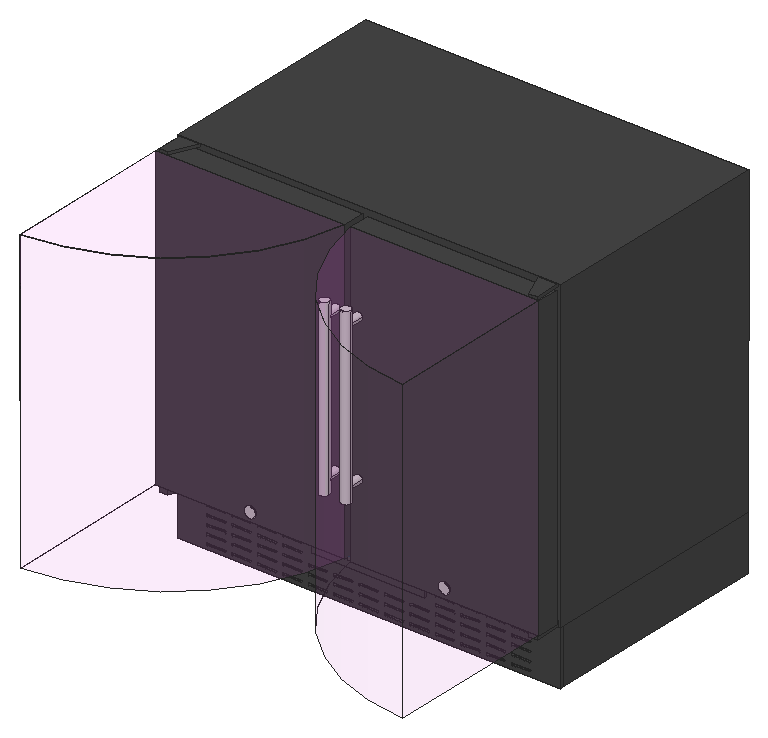
Revit family "QF_Summit_FFRF36_Refrigerator-Freezer", category Specialty Equipment, Revit 2020
Family settings
  Round Connector Dimension = Use Diameter
  Part Type = Normal
  Work Plane-Based = No
  Always vertical = Yes
  Cut with Voids When Loaded = No
  Shared = No
  Room Calculation Point = No
Parameters
  Weight in Pounds = 160
  Watts = Volts * FL Amps  # 149.5 W
  Volts = 115 V
  URL Cutsheet = ""
  Specification by User = ""
  Specification by Manufacturer = ""
  Show Door Clearance [instance] = yes
  Serial Number = ""
  Seismic Rating = ""
  SMACNA No = ""
  Revision Code = ""
  Refrigerant Volume = 0.00 kip
  Refrigerant Type = "R600a"
  Phase = 1
  Number of Poles = 1
  NAFEM Spec ID Number = ""
  Model = "FFRF36"
  Min Ckt Ampacity = 0 A
  Max Overcurrent Protection = 0 A
  Masterspec = ""
  Manufacturer = "Summit"
  Length = 35 1/2"
  Item Number = ""
  Installed By = ""
  Identify Quantity as Lot = yes
  Height = 34 1/4"
  HP = ""
  Furnished By = ""
  Foodservice Equipment Identifier = yes
  FL Amps = 1.3 A
  Electrical Remarks = ""
  Electric Connection Type = ""
  Elec Conn RI Height = 0"
  Elec Conn Connection Height = 0"
  Description = "Refrigerator-Freezer"
  Depth = 24 1/4"
  Default Elevation = 0"
  Cycle = 60 Hz
  Conn Plug = ""
  Conn Conduit = yes
  CSI MasterFormat = ""
  BTUH = 0.0 Btu/h
  Apparent Power = if(Phase = 3, Volts * FL Amps * 1.73, Volts * FL Amps)  # 149.5 VA
Reference planes (in)
  plane 1 "BACK": y = 0
  plane 2: z = 0
  plane 3 "LEFT": x = 0
  plane 4 "RIGHT": x = 35.5
  plane 5 "FRONT": y = -24.25
  plane 6 "TOP": z = 34.25
  plane 7 "Center Y": x = 17.75
  plane 8 "Center X": y = -12.125
  plane 9: y = -26.125
  plane 10: y = -40
  plane 11: z = 0.75
  plane 12: y = -21.75
  plane 13: z = 34
  plane 14: z = 5.75
  plane 15: z = 6.25
  plane 16: x = 18
  plane 17: x = 17.5
Forms (in)
  Extrusion 1, solid, material "QF_Metallic_Paint_Black_Smooth"
    sketch origin (13.67442, -173.75, 3.25) x (-1, 0, 0) y (0, -1, 0)
      loop
        line (13.67442, -173.75) -> (13.67442, -152) -> (-21.82558, -152) -> (-21.82558, -173.75) -> (13.67442, -173.75)
    from 2.5 to 31
  Extrusion 2, solid, material "QF_Metallic_Paint_Black_Smooth"
    sketch origin (11.97362, -181.125, 6.5) x (-1, 0, 0) y (0, -1, 0)
      loop
        line (-6.02638, -156.875) -> (-23.52638, -156.875) -> (-23.52638, -158.95152) -> (-6.02638, -158.95152) -> (-6.02638, -156.875)
    from -0.25 to 27.5
  Extrusion 3, solid, material "QF_Metallic_Paint_Black_Smooth"
    sketch origin (41.25, -22.17348, 6.5) x (-1, 0, 0) y (0, 0, 1)
      loop
        line (6.25, 0.25) -> (22.75, 0.25) -> (22.75, 27) -> (6.25, 27) -> (6.25, 0.25)
    from 0 to 0.42348
  Extrusion 4, solid, material "QF_Metal_Stainless_Polished"
    sketch origin (12.44977, -182.1239, 23.4375) x (-1, 0, 0) y (0, -1, 0)
      loop
        circle (-6.30689, -156.43406) r 0.43516
    from -11.3125 to 4.6875
  Extrusion 5, solid, material "QF_Metallic_Paint_Black_Smooth"
    sketch origin (-6.83669, 0, 4.02816) x (1, 0, 0) y (0, 0, -1)
      loop
        circle (11.58669, -0.22184) r 0.25
    from 0 to 0.25
  Extrusion 6, solid, material "QF_Metal_Stainless_Polished"
    sketch origin (14.6875, -24.25, 6.5) x (1, 0, 0) y (0, 0, 1)
      loop
        circle (12.0625, 0.625) r 0.5
    from 0 to 0.0625
  Extrusion 7, solid, material "QF_Metal_Stainless_Polished"
    sketch origin (18.09375, -24.25, 2.9375) x (1, 0, 0) y (0, 0, 1)
      loop
        circle (0.66291, 23.9375) r 0.34631
      loop
        circle (0.66291, 10.4375) r 0.34631
    from 0 to 1.38673
  Revolve 8, solid, material "QF_Metallic_Paint_Black_Smooth"
    sketch origin (0.28125, -2, 0) x (1, 0, 0) y (0, 0, 1)
      loop
        line (1.5, 0.75) -> (1.35345, 0.75) -> (1.35345, 0.42728) -> (1, 0.42728) -> (1, 0) -> (1.5, 0) -> (1.5, 0.75)
      axis (1.5, 0.75) -> (1.5, 0)
    angle from 0 to 360
  Revolve 9, solid, material "QF_Metallic_Paint_Black_Smooth"
    sketch origin (0.28125, -19.75, 0) x (1, 0, 0) y (0, 0, 1)
      loop
        line (1.5, 0.75) -> (1.35345, 0.75) -> (1.35345, 0.42728) -> (1, 0.42728) -> (1, 0) -> (1.5, 0) -> (1.5, 0.75)
      axis (1.5, 0.75) -> (1.5, 0)
    angle from 0 to 360
  Extrusion 10, solid, material "QF_Clearances_Door_Drawer", visible <- "Show Door Clearance"
    sketch origin (13.67442, -186.75, 3.75) x (-1, 0, 0) y (0, -1, 0)
      loop
        line (-21.82558, -162.5) -> (-4.32558, -162.5)
        arc (-4.32558, -162.5) -> (-10.24122, -151.47571) -> (-21.82558, -146.75) r 18.47203
        line (-21.82558, -146.75) -> (-21.82558, -162.5)
    from 2.5 to 30.25
  Extrusion 11, solid, material "QF_Metallic_Paint_Black_Smooth"
    sketch origin (17.75, 0, 2.5) x (1, 0, 0) y (0, 0, 1)
      loop
        line (-17.75, 3.25) -> (-17.75, -1.75) -> (17.75, -1.75) -> (17.75, 3.25) -> (-17.75, 3.25)
    from 0 to 21.5
  Extrusion 12, solid, material "QF_Metallic_Paint_Black_Smooth"
    sketch origin (9.97169, -21.75, 50.5) x (-1, 0, 0) y (0, 0, 1)
      loop
        line (9.97169, -44.75) -> (-25.52831, -44.75) -> (-25.52831, -49.75) -> (9.97169, -49.75) -> (9.97169, -44.75)
      loop
        line (7.15699, -45.12068) -> (5.56271, -45.12068)
        arc (5.56271, -45.12068) -> (5.43771, -45.24568) -> (5.56271, -45.37068) r 0.125
        line (5.56271, -45.37068) -> (7.15699, -45.37068)
        arc (7.15699, -45.37068) -> (7.28199, -45.24568) -> (7.15699, -45.12068) r 0.125
      loop
        line (7.15699, -45.92488) -> (5.56271, -45.92488)
        arc (5.56271, -45.92488) -> (5.43771, -46.04988) -> (5.56271, -46.17488) r 0.125
        line (5.56271, -46.17488) -> (7.15699, -46.17488)
        arc (7.15699, -46.17488) -> (7.28199, -46.04988) -> (7.15699, -45.92488) r 0.125
      loop
        line (7.15699, -46.72908) -> (5.56271, -46.72908)
        arc (5.56271, -46.72908) -> (5.43771, -46.85408) -> (5.56271, -46.97908) r 0.125
        line (5.56271, -46.97908) -> (7.15699, -46.97908)
        arc (7.15699, -46.97908) -> (7.28199, -46.85408) -> (7.15699, -46.72908) r 0.125
      loop
        line (4.80063, -45.12068) -> (3.20635, -45.12068)
        arc (3.20635, -45.12068) -> (3.08135, -45.24568) -> (3.20635, -45.37068) r 0.125
        line (3.20635, -45.37068) -> (4.80063, -45.37068)
        arc (4.80063, -45.37068) -> (4.92563, -45.24568) -> (4.80063, -45.12068) r 0.125
      loop
        line (4.80063, -45.92488) -> (3.20635, -45.92488)
        arc (3.20635, -45.92488) -> (3.08135, -46.04988) -> (3.20635, -46.17488) r 0.125
        line (3.20635, -46.17488) -> (4.80063, -46.17488)
        arc (4.80063, -46.17488) -> (4.92563, -46.04988) -> (4.80063, -45.92488) r 0.125
      loop
        line (4.80063, -46.72908) -> (3.20635, -46.72908)
        arc (3.20635, -46.72908) -> (3.08135, -46.85408) -> (3.20635, -46.97908) r 0.125
        line (3.20635, -46.97908) -> (4.80063, -46.97908)
        arc (4.80063, -46.97908) -> (4.92563, -46.85408) -> (4.80063, -46.72908) r 0.125
      loop
        line (2.44427, -45.12068) -> (0.84999, -45.12068)
        arc (0.84999, -45.12068) -> (0.72499, -45.24568) -> (0.84999, -45.37068) r 0.125
        line (0.84999, -45.37068) -> (2.44427, -45.37068)
        arc (2.44427, -45.37068) -> (2.56927, -45.24568) -> (2.44427, -45.12068) r 0.125
      loop
        line (2.44427, -45.92488) -> (0.84999, -45.92488)
        arc (0.84999, -45.92488) -> (0.72499, -46.04988) -> (0.84999, -46.17488) r 0.125
        line (0.84999, -46.17488) -> (2.44427, -46.17488)
        arc (2.44427, -46.17488) -> (2.56927, -46.04988) -> (2.44427, -45.92488) r 0.125
      loop
        line (2.44427, -46.72908) -> (0.84999, -46.72908)
        arc (0.84999, -46.72908) -> (0.72499, -46.85408) -> (0.84999, -46.97908) r 0.125
        line (0.84999, -46.97908) -> (2.44427, -46.97908)
        arc (2.44427, -46.97908) -> (2.56927, -46.85408) -> (2.44427, -46.72908) r 0.125
      loop
        line (0.08791, -45.12068) -> (-1.50637, -45.12068)
        arc (-1.50637, -45.12068) -> (-1.63137, -45.24568) -> (-1.50637, -45.37068) r 0.125
        line (-1.50637, -45.37068) -> (0.08791, -45.37068)
        arc (0.08791, -45.37068) -> (0.21291, -45.24568) -> (0.08791, -45.12068) r 0.125
      loop
        line (0.08791, -45.92488) -> (-1.50637, -45.92488)
        arc (-1.50637, -45.92488) -> (-1.63137, -46.04988) -> (-1.50637, -46.17488) r 0.125
        line (-1.50637, -46.17488) -> (0.08791, -46.17488)
        arc (0.08791, -46.17488) -> (0.21291, -46.04988) -> (0.08791, -45.92488) r 0.125
      loop
        line (0.08791, -46.72908) -> (-1.50637, -46.72908)
        arc (-1.50637, -46.72908) -> (-1.63137, -46.85408) -> (-1.50637, -46.97908) r 0.125
        line (-1.50637, -46.97908) -> (0.08791, -46.97908)
        arc (0.08791, -46.97908) -> (0.21291, -46.85408) -> (0.08791, -46.72908) r 0.125
      loop
        line (7.15699, -47.53328) -> (5.56271, -47.53328)
        arc (5.56271, -47.53328) -> (5.43771, -47.65828) -> (5.56271, -47.78328) r 0.125
        line (5.56271, -47.78328) -> (7.15699, -47.78328)
        arc (7.15699, -47.78328) -> (7.28199, -47.65828) -> (7.15699, -47.53328) r 0.125
      loop
        line (4.80063, -47.53328) -> (3.20635, -47.53328)
        arc (3.20635, -47.53328) -> (3.08135, -47.65828) -> (3.20635, -47.78328) r 0.125
        line (3.20635, -47.78328) -> (4.80063, -47.78328)
        arc (4.80063, -47.78328) -> (4.92563, -47.65828) -> (4.80063, -47.53328) r 0.125
      loop
        line (2.44427, -47.53328) -> (0.84999, -47.53328)
        arc (0.84999, -47.53328) -> (0.72499, -47.65828) -> (0.84999, -47.78328) r 0.125
        line (0.84999, -47.78328) -> (2.44427, -47.78328)
        arc (2.44427, -47.78328) -> (2.56927, -47.65828) -> (2.44427, -47.53328) r 0.125
      loop
        line (0.08791, -47.53328) -> (-1.50637, -47.53328)
        arc (-1.50637, -47.53328) -> (-1.63137, -47.65828) -> (-1.50637, -47.78328) r 0.125
        line (-1.50637, -47.78328) -> (0.08791, -47.78328)
        arc (0.08791, -47.78328) -> (0.21291, -47.65828) -> (0.08791, -47.53328) r 0.125
      loop
        line (7.15699, -48.33749) -> (5.56271, -48.33749)
        arc (5.56271, -48.33749) -> (5.43771, -48.46249) -> (5.56271, -48.58749) r 0.125
        line (5.56271, -48.58749) -> (7.15699, -48.58749)
        arc (7.15699, -48.58749) -> (7.28199, -48.46249) -> (7.15699, -48.33749) r 0.125
      loop
        line (4.80063, -48.33749) -> (3.20635, -48.33749)
        arc (3.20635, -48.33749) -> (3.08135, -48.46249) -> (3.20635, -48.58749) r 0.125
        line (3.20635, -48.58749) -> (4.80063, -48.58749)
        arc (4.80063, -48.58749) -> (4.92563, -48.46249) -> (4.80063, -48.33749) r 0.125
      loop
        line (2.44427, -48.33749) -> (0.84999, -48.33749)
        arc (0.84999, -48.33749) -> (0.72499, -48.46249) -> (0.84999, -48.58749) r 0.125
        line (0.84999, -48.58749) -> (2.44427, -48.58749)
        arc (2.44427, -48.58749) -> (2.56927, -48.46249) -> (2.44427, -48.33749) r 0.125
      loop
        line (0.08791, -48.33749) -> (-1.50637, -48.33749)
        arc (-1.50637, -48.33749) -> (-1.63137, -48.46249) -> (-1.50637, -48.58749) r 0.125
        line (-1.50637, -48.58749) -> (0.08791, -48.58749)
        arc (0.08791, -48.58749) -> (0.21291, -48.46249) -> (0.08791, -48.33749) r 0.125
      loop
        line (7.15699, -49.14169) -> (5.56271, -49.14169)
        arc (5.56271, -49.14169) -> (5.43771, -49.26669) -> (5.56271, -49.39169) r 0.125
        line (5.56271, -49.39169) -> (7.15699, -49.39169)
        arc (7.15699, -49.39169) -> (7.28199, -49.26669) -> (7.15699, -49.14169) r 0.125
      loop
        line (4.80063, -49.14169) -> (3.20635, -49.14169)
        arc (3.20635, -49.14169) -> (3.08135, -49.26669) -> (3.20635, -49.39169) r 0.125
        line (3.20635, -49.39169) -> (4.80063, -49.39169)
        arc (4.80063, -49.39169) -> (4.92563, -49.26669) -> (4.80063, -49.14169) r 0.125
      loop
        line (2.44427, -49.14169) -> (0.84999, -49.14169)
        arc (0.84999, -49.14169) -> (0.72499, -49.26669) -> (0.84999, -49.39169) r 0.125
        line (0.84999, -49.39169) -> (2.44427, -49.39169)
        arc (2.44427, -49.39169) -> (2.56927, -49.26669) -> (2.44427, -49.14169) r 0.125
      loop
        line (0.08791, -49.14169) -> (-1.50637, -49.14169)
        arc (-1.50637, -49.14169) -> (-1.63137, -49.26669) -> (-1.50637, -49.39169) r 0.125
        line (-1.50637, -49.39169) -> (0.08791, -49.39169)
        arc (0.08791, -49.39169) -> (0.21291, -49.26669) -> (0.08791, -49.14169) r 0.125
      loop
        line (-2.26845, -47.53328) -> (-3.86273, -47.53328)
        arc (-3.86273, -47.53328) -> (-3.98773, -47.65828) -> (-3.86273, -47.78328) r 0.125
        line (-3.86273, -47.78328) -> (-2.26845, -47.78328)
        arc (-2.26845, -47.78328) -> (-2.14345, -47.65828) -> (-2.26845, -47.53328) r 0.125
      loop
        line (-4.62481, -47.53328) -> (-6.21909, -47.53328)
        arc (-6.21909, -47.53328) -> (-6.34409, -47.65828) -> (-6.21909, -47.78328) r 0.125
        line (-6.21909, -47.78328) -> (-4.62481, -47.78328)
        arc (-4.62481, -47.78328) -> (-4.49981, -47.65828) -> (-4.62481, -47.53328) r 0.125
      loop
        line (-6.98117, -47.53328) -> (-8.57545, -47.53328)
        arc (-8.57545, -47.53328) -> (-8.70045, -47.65828) -> (-8.57545, -47.78328) r 0.125
        line (-8.57545, -47.78328) -> (-6.98117, -47.78328)
        arc (-6.98117, -47.78328) -> (-6.85617, -47.65828) -> (-6.98117, -47.53328) r 0.125
      loop
        line (-2.26845, -48.33749) -> (-3.86273, -48.33749)
        arc (-3.86273, -48.33749) -> (-3.98773, -48.46249) -> (-3.86273, -48.58749) r 0.125
        line (-3.86273, -48.58749) -> (-2.26845, -48.58749)
        arc (-2.26845, -48.58749) -> (-2.14345, -48.46249) -> (-2.26845, -48.33749) r 0.125
      loop
        line (-4.62481, -48.33749) -> (-6.21909, -48.33749)
        arc (-6.21909, -48.33749) -> (-6.34409, -48.46249) -> (-6.21909, -48.58749) r 0.125
        line (-6.21909, -48.58749) -> (-4.62481, -48.58749)
        arc (-4.62481, -48.58749) -> (-4.49981, -48.46249) -> (-4.62481, -48.33749) r 0.125
      loop
        line (-6.98117, -48.33749) -> (-8.57545, -48.33749)
        arc (-8.57545, -48.33749) -> (-8.70045, -48.46249) -> (-8.57545, -48.58749) r 0.125
        line (-8.57545, -48.58749) -> (-6.98117, -48.58749)
        arc (-6.98117, -48.58749) -> (-6.85617, -48.46249) -> (-6.98117, -48.33749) r 0.125
      loop
        line (-2.26845, -49.14169) -> (-3.86273, -49.14169)
        arc (-3.86273, -49.14169) -> (-3.98773, -49.26669) -> (-3.86273, -49.39169) r 0.125
        line (-3.86273, -49.39169) -> (-2.26845, -49.39169)
        arc (-2.26845, -49.39169) -> (-2.14345, -49.26669) -> (-2.26845, -49.14169) r 0.125
      loop
        line (-4.62481, -49.14169) -> (-6.21909, -49.14169)
        arc (-6.21909, -49.14169) -> (-6.34409, -49.26669) -> (-6.21909, -49.39169) r 0.125
        line (-6.21909, -49.39169) -> (-4.62481, -49.39169)
        arc (-4.62481, -49.39169) -> (-4.49981, -49.26669) -> (-4.62481, -49.14169) r 0.125
      loop
        line (-6.98117, -49.14169) -> (-8.57545, -49.14169)
        arc (-8.57545, -49.14169) -> (-8.70045, -49.26669) -> (-8.57545, -49.39169) r 0.125
        line (-8.57545, -49.39169) -> (-6.98117, -49.39169)
        arc (-6.98117, -49.39169) -> (-6.85617, -49.26669) -> (-6.98117, -49.14169) r 0.125
      loop
        arc (-22.71361, -45.12068) -> (-22.83861, -45.24568) -> (-22.71361, -45.37068) r 0.125
        line (-22.71361, -45.37068) -> (-21.11933, -45.37068)
        arc (-21.11933, -45.37068) -> (-20.99433, -45.24568) -> (-21.11933, -45.12068) r 0.125
        line (-21.11933, -45.12068) -> (-22.71361, -45.12068)
      loop
        arc (-22.71361, -45.92488) -> (-22.83861, -46.04988) -> (-22.71361, -46.17488) r 0.125
        line (-22.71361, -46.17488) -> (-21.11933, -46.17488)
        arc (-21.11933, -46.17488) -> (-20.99433, -46.04988) -> (-21.11933, -45.92488) r 0.125
        line (-21.11933, -45.92488) -> (-22.71361, -45.92488)
      loop
        arc (-22.71361, -46.72908) -> (-22.83861, -46.85408) -> (-22.71361, -46.97908) r 0.125
        line (-22.71361, -46.97908) -> (-21.11933, -46.97908)
        arc (-21.11933, -46.97908) -> (-20.99433, -46.85408) -> (-21.11933, -46.72908) r 0.125
        line (-21.11933, -46.72908) -> (-22.71361, -46.72908)
      loop
        arc (-20.35725, -45.12068) -> (-20.48225, -45.24568) -> (-20.35725, -45.37068) r 0.125
        line (-20.35725, -45.37068) -> (-18.76297, -45.37068)
        arc (-18.76297, -45.37068) -> (-18.63797, -45.24568) -> (-18.76297, -45.12068) r 0.125
        line (-18.76297, -45.12068) -> (-20.35725, -45.12068)
      loop
        arc (-20.35725, -45.92488) -> (-20.48225, -46.04988) -> (-20.35725, -46.17488) r 0.125
        line (-20.35725, -46.17488) -> (-18.76297, -46.17488)
        arc (-18.76297, -46.17488) -> (-18.63797, -46.04988) -> (-18.76297, -45.92488) r 0.125
        line (-18.76297, -45.92488) -> (-20.35725, -45.92488)
      loop
        arc (-20.35725, -46.72908) -> (-20.48225, -46.85408) -> (-20.35725, -46.97908) r 0.125
        line (-20.35725, -46.97908) -> (-18.76297, -46.97908)
        arc (-18.76297, -46.97908) -> (-18.63797, -46.85408) -> (-18.76297, -46.72908) r 0.125
        line (-18.76297, -46.72908) -> (-20.35725, -46.72908)
      loop
        arc (-18.00089, -45.12068) -> (-18.12589, -45.24568) -> (-18.00089, -45.37068) r 0.125
        line (-18.00089, -45.37068) -> (-16.40661, -45.37068)
        arc (-16.40661, -45.37068) -> (-16.28161, -45.24568) -> (-16.40661, -45.12068) r 0.125
        line (-16.40661, -45.12068) -> (-18.00089, -45.12068)
      loop
        arc (-18.00089, -45.92488) -> (-18.12589, -46.04988) -> (-18.00089, -46.17488) r 0.125
        line (-18.00089, -46.17488) -> (-16.40661, -46.17488)
        arc (-16.40661, -46.17488) -> (-16.28161, -46.04988) -> (-16.40661, -45.92488) r 0.125
        line (-16.40661, -45.92488) -> (-18.00089, -45.92488)
      loop
        arc (-18.00089, -46.72908) -> (-18.12589, -46.85408) -> (-18.00089, -46.97908) r 0.125
        line (-18.00089, -46.97908) -> (-16.40661, -46.97908)
        arc (-16.40661, -46.97908) -> (-16.28161, -46.85408) -> (-16.40661, -46.72908) r 0.125
        line (-16.40661, -46.72908) -> (-18.00089, -46.72908)
      loop
        arc (-15.64453, -45.12068) -> (-15.76953, -45.24568) -> (-15.64453, -45.37068) r 0.125
        line (-15.64453, -45.37068) -> (-14.05025, -45.37068)
        arc (-14.05025, -45.37068) -> (-13.92525, -45.24568) -> (-14.05025, -45.12068) r 0.125
        line (-14.05025, -45.12068) -> (-15.64453, -45.12068)
      loop
        arc (-15.64453, -45.92488) -> (-15.76953, -46.04988) -> (-15.64453, -46.17488) r 0.125
        line (-15.64453, -46.17488) -> (-14.05025, -46.17488)
        arc (-14.05025, -46.17488) -> (-13.92525, -46.04988) -> (-14.05025, -45.92488) r 0.125
        line (-14.05025, -45.92488) -> (-15.64453, -45.92488)
      loop
        arc (-15.64453, -46.72908) -> (-15.76953, -46.85408) -> (-15.64453, -46.97908) r 0.125
        line (-15.64453, -46.97908) -> (-14.05025, -46.97908)
        arc (-14.05025, -46.97908) -> (-13.92525, -46.85408) -> (-14.05025, -46.72908) r 0.125
        line (-14.05025, -46.72908) -> (-15.64453, -46.72908)
      loop
        arc (-22.71361, -47.53328) -> (-22.83861, -47.65828) -> (-22.71361, -47.78328) r 0.125
        line (-22.71361, -47.78328) -> (-21.11933, -47.78328)
        arc (-21.11933, -47.78328) -> (-20.99433, -47.65828) -> (-21.11933, -47.53328) r 0.125
        line (-21.11933, -47.53328) -> (-22.71361, -47.53328)
      loop
        arc (-20.35725, -47.53328) -> (-20.48225, -47.65828) -> (-20.35725, -47.78328) r 0.125
        line (-20.35725, -47.78328) -> (-18.76297, -47.78328)
        arc (-18.76297, -47.78328) -> (-18.63797, -47.65828) -> (-18.76297, -47.53328) r 0.125
        line (-18.76297, -47.53328) -> (-20.35725, -47.53328)
      loop
        arc (-18.00089, -47.53328) -> (-18.12589, -47.65828) -> (-18.00089, -47.78328) r 0.125
        line (-18.00089, -47.78328) -> (-16.40661, -47.78328)
        arc (-16.40661, -47.78328) -> (-16.28161, -47.65828) -> (-16.40661, -47.53328) r 0.125
        line (-16.40661, -47.53328) -> (-18.00089, -47.53328)
      loop
        arc (-15.64453, -47.53328) -> (-15.76953, -47.65828) -> (-15.64453, -47.78328) r 0.125
        line (-15.64453, -47.78328) -> (-14.05025, -47.78328)
        arc (-14.05025, -47.78328) -> (-13.92525, -47.65828) -> (-14.05025, -47.53328) r 0.125
        line (-14.05025, -47.53328) -> (-15.64453, -47.53328)
      loop
        arc (-22.71361, -48.33749) -> (-22.83861, -48.46249) -> (-22.71361, -48.58749) r 0.125
        line (-22.71361, -48.58749) -> (-21.11933, -48.58749)
        arc (-21.11933, -48.58749) -> (-20.99433, -48.46249) -> (-21.11933, -48.33749) r 0.125
        line (-21.11933, -48.33749) -> (-22.71361, -48.33749)
      loop
        arc (-20.35725, -48.33749) -> (-20.48225, -48.46249) -> (-20.35725, -48.58749) r 0.125
        line (-20.35725, -48.58749) -> (-18.76297, -48.58749)
        arc (-18.76297, -48.58749) -> (-18.63797, -48.46249) -> (-18.76297, -48.33749) r 0.125
        line (-18.76297, -48.33749) -> (-20.35725, -48.33749)
      loop
        arc (-18.00089, -48.33749) -> (-18.12589, -48.46249) -> (-18.00089, -48.58749) r 0.125
        line (-18.00089, -48.58749) -> (-16.40661, -48.58749)
        arc (-16.40661, -48.58749) -> (-16.28161, -48.46249) -> (-16.40661, -48.33749) r 0.125
        line (-16.40661, -48.33749) -> (-18.00089, -48.33749)
      loop
        arc (-15.64453, -48.33749) -> (-15.76953, -48.46249) -> (-15.64453, -48.58749) r 0.125
        line (-15.64453, -48.58749) -> (-14.05025, -48.58749)
        arc (-14.05025, -48.58749) -> (-13.92525, -48.46249) -> (-14.05025, -48.33749) r 0.125
        line (-14.05025, -48.33749) -> (-15.64453, -48.33749)
      loop
        arc (-22.71361, -49.14169) -> (-22.83861, -49.26669) -> (-22.71361, -49.39169) r 0.125
        line (-22.71361, -49.39169) -> (-21.11933, -49.39169)
        arc (-21.11933, -49.39169) -> (-20.99433, -49.26669) -> (-21.11933, -49.14169) r 0.125
        line (-21.11933, -49.14169) -> (-22.71361, -49.14169)
      loop
        arc (-20.35725, -49.14169) -> (-20.48225, -49.26669) -> (-20.35725, -49.39169) r 0.125
        line (-20.35725, -49.39169) -> (-18.76297, -49.39169)
        arc (-18.76297, -49.39169) -> (-18.63797, -49.26669) -> (-18.76297, -49.14169) r 0.125
        line (-18.76297, -49.14169) -> (-20.35725, -49.14169)
      loop
        arc (-18.00089, -49.14169) -> (-18.12589, -49.26669) -> (-18.00089, -49.39169) r 0.125
        line (-18.00089, -49.39169) -> (-16.40661, -49.39169)
        arc (-16.40661, -49.39169) -> (-16.28161, -49.26669) -> (-16.40661, -49.14169) r 0.125
        line (-16.40661, -49.14169) -> (-18.00089, -49.14169)
      loop
        arc (-15.64453, -49.14169) -> (-15.76953, -49.26669) -> (-15.64453, -49.39169) r 0.125
        line (-15.64453, -49.39169) -> (-14.05025, -49.39169)
        arc (-14.05025, -49.39169) -> (-13.92525, -49.26669) -> (-14.05025, -49.14169) r 0.125
        line (-14.05025, -49.14169) -> (-15.64453, -49.14169)
      loop
        arc (-13.28817, -47.53328) -> (-13.41317, -47.65828) -> (-13.28817, -47.78328) r 0.125
        line (-13.28817, -47.78328) -> (-11.69389, -47.78328)
        arc (-11.69389, -47.78328) -> (-11.56889, -47.65828) -> (-11.69389, -47.53328) r 0.125
        line (-11.69389, -47.53328) -> (-13.28817, -47.53328)
      loop
        arc (-10.93181, -47.53328) -> (-11.05681, -47.65828) -> (-10.93181, -47.78328) r 0.125
        line (-10.93181, -47.78328) -> (-9.33753, -47.78328)
        arc (-9.33753, -47.78328) -> (-9.21253, -47.65828) -> (-9.33753, -47.53328) r 0.125
        line (-9.33753, -47.53328) -> (-10.93181, -47.53328)
      loop
        arc (-13.28817, -48.33749) -> (-13.41317, -48.46249) -> (-13.28817, -48.58749) r 0.125
        line (-13.28817, -48.58749) -> (-11.69389, -48.58749)
        arc (-11.69389, -48.58749) -> (-11.56889, -48.46249) -> (-11.69389, -48.33749) r 0.125
        line (-11.69389, -48.33749) -> (-13.28817, -48.33749)
      loop
        arc (-10.93181, -48.33749) -> (-11.05681, -48.46249) -> (-10.93181, -48.58749) r 0.125
        line (-10.93181, -48.58749) -> (-9.33753, -48.58749)
        arc (-9.33753, -48.58749) -> (-9.21253, -48.46249) -> (-9.33753, -48.33749) r 0.125
        line (-9.33753, -48.33749) -> (-10.93181, -48.33749)
      loop
        arc (-13.28817, -49.14169) -> (-13.41317, -49.26669) -> (-13.28817, -49.39169) r 0.125
        line (-13.28817, -49.39169) -> (-11.69389, -49.39169)
        arc (-11.69389, -49.39169) -> (-11.56889, -49.26669) -> (-11.69389, -49.14169) r 0.125
        line (-11.69389, -49.14169) -> (-13.28817, -49.14169)
      loop
        arc (-10.93181, -49.14169) -> (-11.05681, -49.26669) -> (-10.93181, -49.39169) r 0.125
        line (-10.93181, -49.39169) -> (-9.33753, -49.39169)
        arc (-9.33753, -49.39169) -> (-9.21253, -49.26669) -> (-9.33753, -49.14169) r 0.125
        line (-9.33753, -49.14169) -> (-10.93181, -49.14169)
    from 0 to 0.25
  Extrusion 13, solid, material "QF_Metallic_Paint_Black_Smooth"
    sketch origin (9.97169, -21.75, 50.5) x (1, 0, 0) y (0, 0, 1)
      loop
        line (2.55024, -44.97379) -> (2.55024, -46.56754) -> (13.00638, -46.56754) -> (13.00638, -44.97379) -> (2.55024, -44.97379)
    from 0 to 0.0625
  Extrusion 14, solid, material "Glass"
    sketch origin (9.97169, -21.8125, 50.5) x (1, 0, 0) y (0, 0, 1)
      loop
        line (5.89004, -45.42098) -> (5.89004, -46.01916) -> (7.52831, -46.01916) -> (7.52831, -45.42098) -> (5.89004, -45.42098)
      loop
        line (9.66658, -45.42098) -> (8.02831, -45.42098) -> (8.02831, -46.01916) -> (9.66658, -46.01916) -> (9.66658, -45.42098)
    from 0 to 0.03125
  Extrusion 15, solid, material "QF_Metallic_Paint_Black_Smooth"
    sketch origin (11.97362, -181.125, 34.375) x (-1, 0, 0) y (0, -1, 0)
      loop
        line (-23.27638, -159.375) -> (-21.46153, -159.375) -> (-22.52638, -156.98331) -> (-23.27638, -156.98331) -> (-23.27638, -159.375)
    from -0.375 to -0.125
  Extrusion 16, solid, material "QF_Metallic_Paint_Black_Smooth"
    sketch origin (11.97362, -181.125, 5.875) x (0, 1, 0) y (1, 0, 0)
      loop
        line (159.375, 23.27638) -> (156.98331, 23.27638) -> (156.98331, 22.52638) -> (159.375, 21.46153) -> (159.375, 23.27638)
    from -0.375 to 0.125
  Revolve 17, solid, material "QF_Metallic_Paint_Black_Smooth"
    sketch origin (35.21875, -2, 0) x (-1, 0, 0) y (0, 0, -1)
      loop
        line (1.5, -0.75) -> (1.5, 0) -> (1, 0) -> (1, -0.42728) -> (1.35345, -0.42728) -> (1.35345, -0.75) -> (1.5, -0.75)
      axis (1.5, -0.75) -> (1.5, 0)
    angle from 0 to 360
  Revolve 18, solid, material "QF_Metallic_Paint_Black_Smooth"
    sketch origin (35.21875, -19.75, 0) x (-1, 0, 0) y (0, 0, -1)
      loop
        line (1.5, -0.75) -> (1.5, 0) -> (1, 0) -> (1, -0.42728) -> (1.35345, -0.42728) -> (1.35345, -0.75) -> (1.5, -0.75)
      axis (1.5, -0.75) -> (1.5, 0)
    angle from 0 to 360
  Extrusion 19, solid, material "QF_Metallic_Paint_Black_Smooth"
    sketch origin (23.52638, -181.125, 6.5) x (1, 0, 0) y (0, 1, 0)
      loop
        line (-6.02638, 156.875) -> (-6.02638, 158.95152) -> (-23.52638, 158.95152) -> (-23.52638, 156.875) -> (-6.02638, 156.875)
    from -0.25 to 27.5
  Extrusion 20, solid, material "QF_Metallic_Paint_Black_Smooth"
    sketch origin (-5.75, -22.17348, 6.5) x (1, 0, 0) y (0, 0, -1)
      loop
        line (6.25, -0.25) -> (6.25, -27) -> (22.75, -27) -> (22.75, -0.25) -> (6.25, -0.25)
    from 0 to 0.42348
  Extrusion 21, solid, material "QF_Metal_Stainless_Polished"
    sketch origin (23.05023, -182.1239, 23.4375) x (1, 0, 0) y (0, 1, 0)
      loop
        circle (-6.30689, 156.43406) r 0.43516
    from -11.3125 to 4.6875
  Extrusion 22, solid, material "QF_Metal_Stainless_Polished"
    sketch origin (20.8125, -24.25, 6.5) x (-1, 0, 0) y (0, 0, -1)
      loop
        circle (12.0625, -0.625) r 0.5
    from 0 to 0.0625
  Extrusion 23, solid, material "QF_Metal_Stainless_Polished"
    sketch origin (17.40625, -24.25, 2.9375) x (-1, 0, 0) y (0, 0, -1)
      loop
        circle (0.66291, -23.9375) r 0.34631
      loop
        circle (0.66291, -10.4375) r 0.34631
    from 0 to 1.38673
  Extrusion 24, solid, material "QF_Clearances_Door_Drawer", visible <- "Show Door Clearance"
    sketch origin (21.82558, -186.75, 3.75) x (1, 0, 0) y (0, 1, 0)
      loop
        line (-21.82558, 162.5) -> (-21.82558, 146.75)
        arc (-21.82558, 146.75) -> (-10.24122, 151.47571) -> (-4.32558, 162.5) r 18.47203
        line (-4.32558, 162.5) -> (-21.82558, 162.5)
    from 2.5 to 30.25
  Extrusion 25, solid, material "QF_Metallic_Paint_Black_Smooth"
    sketch origin (23.52638, -181.125, 34.375) x (1, 0, 0) y (0, 1, 0)
      loop
        line (-23.27638, 159.375) -> (-23.27638, 156.98331) -> (-22.52638, 156.98331) -> (-21.46153, 159.375) -> (-23.27638, 159.375)
    from -0.375 to -0.125
  Extrusion 26, solid, material "QF_Metallic_Paint_Black_Smooth"
    sketch origin (23.52638, -181.125, 5.875) x (0, -1, 0) y (-1, 0, 0)
      loop
        line (-159.375, 23.27638) -> (-159.375, 21.46153) -> (-156.98331, 22.52638) -> (-156.98331, 23.27638) -> (-159.375, 23.27638)
    from -0.375 to 0.125
Lines and regions (in)
  symbolic lines
    curve 1: line (0, 0, 0) -> (35.5, 0, 0)
    curve 2: line (35.5, 0, 0) -> (35.5, -21.75, 0)
    curve 3: line (35.5, -21.75, 0) -> (0, -21.75, 0)
    curve 4: line (0, -21.75, 0) -> (0, 0, 0)
    curve 5: line (0.25, -24.14169, 0) -> (0.25, -21.75, 0)
    curve 6: line (0.25, -24.14169, 0) -> (1, -24.14169, 0)
    curve 7: line (1, -24.14169, 0) -> (2.06485, -21.75, 0)
    curve 8: line (0, -22.17348, 0) -> (0, -24.25, 0)
    curve 9: line (0, -24.25, 0) -> (17.5, -24.25, 0)
    curve 10: line (17.5, -24.25, 0) -> (17.5, -22.17348, 0)
    curve 11: line (17.5, -22.17348, 0) -> (1.8763, -22.17348, 0)
    curve 12: line (0.25, -22.17348, 0) -> (0, -22.17348, 0)
    curve 13: line (17, -21.75, 0) -> (17, -22.17348, 0)
    curve 14: line (18.5, -21.75, 0) -> (18.5, -22.17348, 0)
    curve 15: line (18, -22.17348, 0) -> (33.6237, -22.17348, 0)
    curve 16: line (35.5, -22.17348, 0) -> (35.5, -24.25, 0)
    curve 17: line (35.5, -24.25, 0) -> (18, -24.25, 0)
    curve 18: line (18, -24.25, 0) -> (18, -22.17348, 0)
    curve 19: line (35.25, -24.14169, 0) -> (34.5, -24.14169, 0)
    curve 20: line (34.5, -24.14169, 0) -> (33.43515, -21.75, 0)
    curve 21: line (35.25, -24.14169, 0) -> (35.25, -21.75, 0)
    curve 22: line (35.25, -22.17348, 0) -> (35.5, -22.17348, 0)
    curve 23: arc (17.17849, -25.68984, 0) -> (16.74334, -25.25468, 0) -> (16.30818, -25.68984, 0) r 0.43516
    curve 24: arc (16.30818, -25.68984, 0) -> (16.74334, -26.125, 0) -> (17.17849, -25.68984, 0) r 0.43516
    curve 25: arc (18.32151, -25.68984, 0) -> (18.75666, -26.125, 0) -> (19.19182, -25.68984, 0) r 0.43516
    curve 26: arc (19.19182, -25.68984, 0) -> (18.75666, -25.25468, 0) -> (18.32151, -25.68984, 0) r 0.43516
    curve 27: line (16.39703, -25.42634, 0) -> (16.39703, -24.25, 0)
    curve 28: line (17.08964, -25.42634, 0) -> (17.08964, -24.25, 0)
    curve 29: line (18.41036, -25.42634, 0) -> (18.41036, -24.25, 0)
    curve 30: line (19.10297, -25.42634, 0) -> (19.10297, -24.25, 0)
  symbolic lines, style "QF_Clearances_Door_Drawer", visible <- "Show Door Clearance"
    curve 31: line (0, -24.25, 0) -> (14.15597, -32.42295, 0)
    curve 32: arc (14.15597, -32.42295, 0) -> (16.32356, -28.53924, 0) -> (17.5, -24.25, 0) r 18.47203
    curve 33: arc (18, -24.25, 0) -> (19.17644, -28.53924, 0) -> (21.34403, -32.42295, 0) r 18.47203
    curve 34: line (35.5, -24.25, 0) -> (21.34403, -32.42295, 0)
Dimensions and locks (in)
  equal spacing: plane 3 "LEFT", plane 7 "Center Y", plane 4 "RIGHT"
  "Length": plane 3 "LEFT" to plane 4 "RIGHT"
  equal spacing: plane 5 "FRONT", plane 8 "Center X", plane 1 "BACK"
  "Depth": plane 5 "FRONT" to plane 1 "BACK"
  "Height": plane 6 "TOP" to level
  plane 4 "RIGHT" to plane 3 "LEFT" = 35 1/2"
  locked: plane 9 to plane 5 "FRONT" at 1.875
  plane 11 to plane 2 = 3/4"
  plane 10 to plane 1 "BACK" = 40"
  plane 12 to plane 1 "BACK" = 21 3/4"
  plane 14 to plane 11 = 5"
  locked: plane 6 "TOP" to plane 13 at 0.25
  plane 13 to plane 15 = 27 3/4"
  aligned and locked: level to plane 2
Automatic sketch dimensions
  curve 23 to curve 24 = 0"  (x2)
  curve 25 to curve 26 = 0"  (x2)
  curve 31 to plane 3 "LEFT" = 0"
  plane 1 "BACK" to curve 1 = 0"
  curve 1 to plane 3 "LEFT" = 0"
  curve 5 to plane 12 = 0"
  plane 5 "FRONT" to curve 27 = 0"
  curve 11 to plane 17 = 0"
  plane 5 "FRONT" to curve 18 = 0"
  curve 18 to plane 16 = 0"
  curve 16 to plane 4 "RIGHT" = 0"
  curve 3 to plane 4 "RIGHT" = 0"
  plane 12 to curve 32 = 0.20586"
  curve 32 to plane 3 "LEFT" = 0.77278"
  curve 5 to plane 5 "FRONT" = 0.10831"
  plane 3 "LEFT" to curve 5 = 1/4"
  curve 5 to curve 7 = 3/4"
  plane 17 to curve 31 = 3.34403"
  plane 17 to curve 23 = 0.75666"
  plane 16 to curve 26 = 0.75666"
  plane 16 to curve 34 = 3.34403"
  curve 20 to plane 5 "FRONT" = 0.10831"
  plane 4 "RIGHT" to curve 20 = 1"
  plane 4 "RIGHT" to curve 19 = 1/4"
  plane 12 to curve 33 = 0.20586"
  curve 33 to plane 4 "RIGHT" = 0.77278"
  plane 9 to curve 24 = 0.43516"
  plane 9 to curve 25 = 0.43516"
  curve 22 to plane 12 = 0.42348"
  curve 8 to plane 12 = 0.42348"
  curve 10 to plane 12 = 0.42348"
  curve 18 to plane 12 = 0.42348"
  curve 12 to curve 11 = 1.6263"
  curve 23 to curve 23 = 0.43516"
  curve 23 to curve 27 = 0.08885"
  curve 13 to curve 10 = 1/2"
  curve 28 to curve 9 = 0.41036"
  plane 16 to curve 25 = 0.32151"
  curve 17 to curve 29 = 0.41036"
  curve 15 to curve 14 = 1/2"
  curve 29 to curve 30 = 0.69261"
  curve 20 to curve 21 = 1.81485"
  plane 1 "BACK" to Extrusion 1 sketch curve = 0"
  Extrusion 1 sketch curve to plane 4 "RIGHT" = 0"
  Extrusion 1 sketch curve to plane 3 "LEFT" = 0"
  Extrusion 1 sketch curve to plane 12 = 0"
  Extrusion 2 sketch curve to plane 4 "RIGHT" = 0"
  Extrusion 2 sketch curve to plane 16 = 0"
  plane 5 "FRONT" to Extrusion 2 sketch curve = 0"
  Extrusion 2 sketch curve to plane 12 = 0.42348"
  Extrusion 2 to Extrusion 3 sketch curve = 1/2"  (x3)
  Extrusion 3 sketch curve to Extrusion 2 = 1/2"
  plane 16 to Extrusion 4 sketch curve = 0.75666"
  plane 9 to Extrusion 4 sketch curve = 0.43516"
  Extrusion 5 sketch curve to Extrusion 1 = 1 1/2"
  Extrusion 5 sketch curve to Extrusion 1 = 4 3/4"
  Extrusion 2 to Extrusion 6 sketch curve = 7/8"
  Extrusion 2 to Extrusion 6 sketch curve = 8 3/4"
  plane 16 to Extrusion 7 sketch curve = 0.75666"  (x2)
  Revolve 8 sketch curve to level = 0"  (x2)
  Revolve 8 sketch curve to plane 11 = 0"
  Revolve 8 sketch curve to plane 11 = 0.32272"
  plane 3 "LEFT" to Revolve 8 sketch curve = 1 9/32"
  Revolve 8 sketch curve to Revolve 8 sketch curve = 0.35345"
  Revolve 8 sketch curve to Revolve 8 sketch curve = 0.14655"
  Revolve 8 sketch curve to Revolve 8 sketch curve = 0"
  Revolve 8 sketch curve to Revolve 8 sketch curve = 0.31634"
  Revolve 9 sketch curve to level = 0"  (x2)
  Revolve 9 sketch curve to plane 11 = 0"
  Revolve 9 sketch curve to plane 11 = 0.32272"
  plane 3 "LEFT" to Revolve 9 sketch curve = 1 9/32"
  Revolve 9 sketch curve to Revolve 9 sketch curve = 0.35345"
  Revolve 9 sketch curve to Revolve 9 sketch curve = 0.14655"
  Revolve 9 sketch curve to Revolve 9 sketch curve = 0"
  Revolve 9 sketch curve to Revolve 9 sketch curve = 0.31634"
  Extrusion 10 sketch curve to plane 4 "RIGHT" = 0"
  plane 5 "FRONT" to Extrusion 10 sketch curve = 0"
  Extrusion 10 sketch curve to plane 16 = 0"
  Extrusion 10 sketch curve to plane 10 = 0"
  plane 12 to Extrusion 10 sketch curve = 0.20586"
  Extrusion 11 sketch curve to plane 3 "LEFT" = 0"
  plane 4 "RIGHT" to Extrusion 11 sketch curve = 0"
  plane 11 to Extrusion 11 sketch curve = 0"
  plane 11 to Extrusion 11 sketch curve = 5"
  Extrusion 13 sketch curve to Extrusion 12 = 0.16155"
  Extrusion 13 sketch curve to Extrusion 12 = 12.52193"
  Extrusion 13 sketch curve to Extrusion 13 sketch curve = 10.45614"
  Extrusion 13 sketch curve to Extrusion 12 = 0.14689"
  Extrusion 14 sketch curve to Extrusion 13 = 0.54838"  (x2)
  Extrusion 14 sketch curve to Extrusion 13 = 3.3398"
  Extrusion 14 sketch curve to Extrusion 14 sketch curve = 1.63827"  (x2)
  Extrusion 14 sketch curve to Extrusion 14 sketch curve = 1/2"
  Extrusion 14 sketch curve to Extrusion 13 = 0.44719"  (x2)
  Extrusion 15 sketch curve to plane 12 = 0"
  Extrusion 15 sketch curve to plane 5 "FRONT" = 0.10831"
  plane 4 "RIGHT" to Extrusion 15 sketch curve = 1/4"
  Extrusion 15 sketch curve to Extrusion 15 sketch curve = 3/4"
  Extrusion 15 sketch curve to Extrusion 15 sketch curve = 1.81485"
  Extrusion 16 sketch curve to plane 12 = 0"
  Extrusion 16 sketch curve to plane 5 "FRONT" = 0.10831"
  plane 4 "RIGHT" to Extrusion 16 sketch curve = 1/4"
  Extrusion 16 sketch curve to Extrusion 16 sketch curve = 3/4"
  Extrusion 16 sketch curve to Extrusion 16 sketch curve = 1.81485"
  Revolve 17 sketch curve to level = 0"  (x2)
  Revolve 17 sketch curve to plane 11 = 0"
  Revolve 17 sketch curve to plane 11 = 0.32272"
  plane 4 "RIGHT" to Revolve 17 sketch curve = 1 9/32"
  Revolve 17 sketch curve to Revolve 17 sketch curve = 0.35345"
  Revolve 17 sketch curve to Revolve 17 sketch curve = 0.14655"
  Revolve 17 sketch curve to Revolve 17 sketch curve = 0"
  Revolve 17 sketch curve to level = 0.31634"
  Revolve 18 sketch curve to level = 0"  (x2)
  Revolve 18 sketch curve to plane 11 = 0"
  Revolve 18 sketch curve to plane 11 = 0.32272"
  plane 4 "RIGHT" to Revolve 18 sketch curve = 1 9/32"
  Revolve 18 sketch curve to Revolve 18 sketch curve = 0.35345"
  Revolve 18 sketch curve to Revolve 18 sketch curve = 0.14655"
  Revolve 18 sketch curve to Revolve 18 sketch curve = 0"
  Revolve 18 sketch curve to level = 0.31634"
  Extrusion 19 sketch curve to plane 3 "LEFT" = 0"
  Extrusion 19 sketch curve to plane 17 = 0"
  plane 5 "FRONT" to Extrusion 19 sketch curve = 0"
  Extrusion 19 sketch curve to plane 12 = 0.42348"
  Extrusion 19 to Extrusion 20 sketch curve = 1/2"  (x3)
  Extrusion 20 sketch curve to Extrusion 19 = 1/2"
  plane 17 to Extrusion 21 sketch curve = 0.75666"
  plane 9 to Extrusion 21 sketch curve = 0.43516"
  Extrusion 19 to Extrusion 22 sketch curve = 7/8"
  Extrusion 19 to Extrusion 22 sketch curve = 8 3/4"
  plane 17 to Extrusion 23 sketch curve = 0.75666"  (x2)
  Extrusion 24 sketch curve to plane 3 "LEFT" = 0"
  plane 5 "FRONT" to Extrusion 24 sketch curve = 0"
  Extrusion 24 sketch curve to plane 17 = 0"
  Extrusion 24 sketch curve to plane 10 = 0"
  plane 12 to Extrusion 24 sketch curve = 0.20586"
  Extrusion 25 sketch curve to plane 12 = 0"
  Extrusion 25 sketch curve to plane 5 "FRONT" = 0.10831"
  plane 3 "LEFT" to Extrusion 25 sketch curve = 1/4"
  Extrusion 25 sketch curve to Extrusion 25 sketch curve = 3/4"
  Extrusion 25 sketch curve to Extrusion 25 sketch curve = 1.81485"
  Extrusion 26 sketch curve to plane 12 = 0"
  Extrusion 26 sketch curve to plane 5 "FRONT" = 0.10831"
  plane 3 "LEFT" to Extrusion 26 sketch curve = 1/4"
  Extrusion 26 sketch curve to Extrusion 26 sketch curve = 3/4"
  Extrusion 26 sketch curve to Extrusion 26 sketch curve = 1.81485"
  Extrusion 7 sketch curve to plane 13 = 7 1/8"
  Extrusion 23 sketch curve to plane 13 = 7 1/8"
  plane 15 to Extrusion 7 sketch curve = 7 1/8"
  plane 15 to Extrusion 23 sketch curve = 7 1/8"
  plane 4 "RIGHT" to Extrusion 12 sketch curve = 0"
  Extrusion 12 sketch curve to plane 3 "LEFT" = 0"
  Extrusion 12 sketch curve to plane 11 = 0"
  Extrusion 12 sketch curve to plane 14 = 0"
  plane 11 to Extrusion 12 sketch curve = 0.48331"  (x5)
  plane 4 "RIGHT" to Extrusion 12 sketch curve = 2.8147"  (x2)
  Extrusion 12 sketch curve to plane 14 = 0.49568"  (x3)
  Extrusion 12 sketch curve to Extrusion 12 sketch curve = 0"  (x74)
  Extrusion 12 sketch curve to Extrusion 12 sketch curve = 1.59428"  (x17)
  Extrusion 12 sketch curve to plane 14 = 0.37068"  (x4)
  Extrusion 12 sketch curve to Extrusion 12 sketch curve = 0.76208"  (x25)
  plane 11 to Extrusion 12 sketch curve = 0.35831"  (x7)
  plane 11 to Extrusion 12 sketch curve = 0.60831"
  Extrusion 12 sketch curve to plane 14 = 0.62068"
  plane 16 to Extrusion 12 sketch curve = 1.30922"  (x2)
  plane 16 to Extrusion 12 sketch curve = 0.54714"  (x3)
  plane 17 to Extrusion 12 sketch curve = 0.54714"  (x3)
  Extrusion 12 sketch curve to Extrusion 12 sketch curve = 1/8"  (x58)
  Extrusion 12 sketch curve to Extrusion 12 sketch curve = 1/4"  (x4)
  Extrusion 12 sketch curve to Extrusion 12 sketch curve = 0.5542"  (x43)
  radius of Extrusion 4 sketch curve = 0.43516"
  radius of Extrusion 5 sketch curve = 1/4"
  radius of Extrusion 6 sketch curve = 1/2"
  radius of Extrusion 7 sketch curve = 0.34631"  (x2)
  radius of Extrusion 21 sketch curve = 0.43516"
  radius of Extrusion 22 sketch curve = 1/2"
  radius of Extrusion 23 sketch curve = 0.34631"  (x2)
Connectors (in)
  electrical at (4.75, 0.25, 4.25), driven by "Volts", driven by "Watts"
    settings: on Extrusion 5, index 5, voltage 115 V, apparent load 149.5 VA, apparent load phase1 0 VA, apparent load phase2 0 VA, apparent load phase3 0 VA, power factor 1, load classification "Other", number of poles 1, system type 30, power factor state 1, is connector primary yes, connector utility no, sub classification motor no, connector description ""
